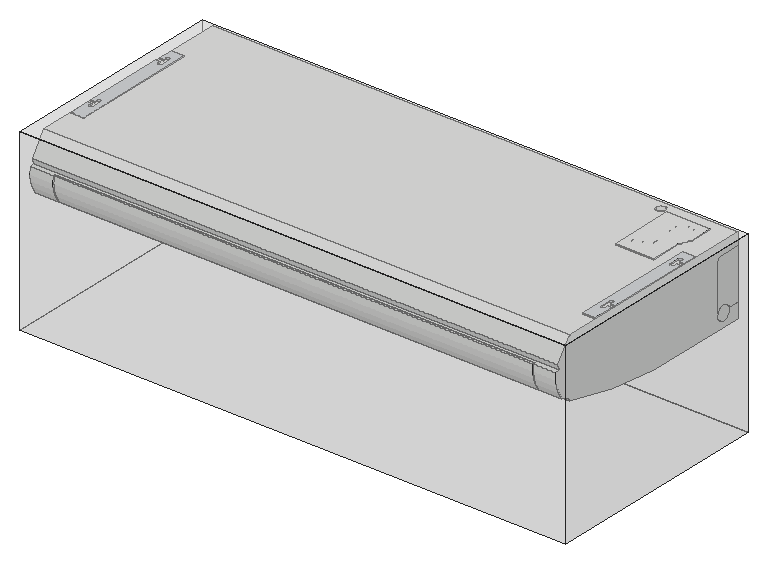
Revit family "outputfile", category 機械設備, Revit 2024
Family settings
  丸型コネクタ寸法 = 半径を使用
  パーツ タイプ = 標準
  OmniClass 番号 = 23.75.10.24.21.27.27
  OmniClass タイトル = Split System Air Conditioning Units
  作業面ベース = いいえ
  常に垂直 = はい
  ロード時にボイドで切り取り = いいえ
  注釈の向きを維持 = いいえ
  共有 = いいえ
  部屋計算ポイント = はい
Parameters (values of type "FHFC100AVM")
  Description = ""
  製造元 = "Daikin"
  書き出し IFC クラス(タイプ) = "IfcUnitaryEquipmentType"
  定義済み IFC タイプ(タイプ) = "AIRCONDITIONINGUNIT"
  Cost = 0
  モデル = "FHFC100AVM"
  Type Comments = ""
  Keynote = ""
  Type Image = (empty or 0)
  Assembly Code = ""
  switch_frequency = yes
  r_Liquid Pipe Size = Liquid Pipe Size / 2  # 4.75 mm
  r_Gas Pipe Size = Gas Pipe Size / 2  # 7.95 mm
  r_Drain Pipe Size = Drain Pipe Size / 2  # 10.0 mm
  l_powersupply [instance] = if(Rear Right Connection_powersupply, 29.0 mm, 175.0 mm)  # 29.0 mm
  h_mountinghole = 2.0 mm  # constant formula
  connector_voltage = Voltage_50Hz  # 230 V
  connector_powerinput = [Power Input (Cooling)]  # 0.000 kW
  connector_phase = Phase_50Hz  # 1
  angle_vertical_powersupply [instance] = if(Rear Right Connection_powersupply, 90.00°, 180.00°)  # 90.00°
  angle_vertical_drainpipe [instance] = if(or(Left Connection_drainpipe, Right Connection_drainpipe), 90.00°, if(Top Connection_drainpipe, 180.00°, -90.00°))  # -90.00°
  angle_horizontal_powersupply [instance] = if(Rear Right Connection_powersupply, 180.00°, 0.00°)  # 180.00°
  angle_horizontal_drainpipe [instance] = if(Right Connection_drainpipe, 90.00°, if(Left Connection_drainpipe, -90.00°, 0.00°))  # 0.00°
  Voltage_comment_50Hz = "220 - 240"
  Voltage_50Hz = 230 V
  URL = ""
  Top Connection_refrigerant [instance] = no
  Top Connection_powersupply [instance] = not(Rear Right Connection_powersupply)  # no
  Right Connection_refrigerant [instance] = no
  Rear Right Connection_refrigerant [instance] = yes
  Phase_50Hz = 1
  Minimum Circuit Amps_50Hz = 0.0 A
  Maximum Fuse Amps_50Hz = 0.0 A
  Material_Casing = DAIKIN_White_Casing_indoorunit
  lw_powersupply [instance] = if(Rear Right Connection_powersupply, 220.0 mm, 210.0 mm)  # 220.0 mm
  lw_mountinghole_pitch = Width - 40.0 mm  # 1550.0 mm
  lw_mountinghole = 20.0 mm  # constant formula
  lw_liquidpipe [instance] = if(Right Connection_refrigerant, 156.0 mm, if(Top Connection_refrigerant, 156.0 mm, 136.0 mm))  # 136.0 mm
  lw_gaspipe = 105.0 mm  # constant formula
  lw_drainpipe [instance] = if(Top Connection_drainpipe, 102.0 mm, if(Width = 960.0 mm, if(or(Left Connection_drainpipe, Rear Left Connection_drainpipe), 884.0 mm, 83.0 mm), if(Width = 1270.0 mm, if(or(Left Connection_drainpipe, Rear Left Connection_drainpipe), 1194.0 mm, 83.0 mm), if(Width = 1590.0 mm, if(or(Left Connection_drainpipe, Rear Left Connection_drainpipe), 1514.0 mm, 83.0 mm), 83.0 mm))))  # 83.0 mm
  lh_powersupply = 175.0 mm  # constant formula
  lh_liquidpipe [instance] = if(Rear Right Connection_refrigerant, 160.0 mm, 131.0 mm)  # 160.0 mm
  lh_gaspipe [instance] = if(Rear Right Connection_refrigerant, 150.0 mm, 91.0 mm)  # 150.0 mm
  lh_drainpipe = 197.0 mm  # constant formula
  l_antena = 1.0 mm  # constant formula
  ld_powersupply = 30.0 mm  # constant formula
  ld_mountinghole_pitch = 260.0 mm  # constant formula
  ld_mountinghole = 210.0 mm  # constant formula
  ld_liquidpipe [instance] = if(Right Connection_refrigerant, 57.0 mm, if(Top Connection_refrigerant, 189.0 mm, 221.0 mm))  # 221.0 mm
  ld_gaspipe [instance] = if(Right Connection_refrigerant, 57.0 mm, if(Top Connection_refrigerant, 163.0 mm, 214.0 mm))  # 214.0 mm
  ld_drainpipe [instance] = if(or(Left Connection_drainpipe, Right Connection_drainpipe), 57.0 mm, if(Top Connection_drainpipe, 87.0 mm, 268.0 mm))  # 268.0 mm
  l_liquidpipe_length [instance] = if(Right Connection_refrigerant, 156.0 mm, if(Top Connection_refrigerant, 131.0 mm, 220.0 mm))  # 220.0 mm
  l_gaspipe_length [instance] = if(Right Connection_refrigerant, 105.0 mm, if(Top Connection_refrigerant, 91.0 mm, 213.0 mm))  # 213.0 mm
  l_drainpipe_length [instance] = if(Right Connection_drainpipe, 83.0 mm, if(Top Connection_drainpipe, 197.0 mm, if(Left Connection_drainpipe, 76.0 mm, 267.0 mm)))  # 267.0 mm
  h*** = 0.0 mm  # constant formula
  angle_vertical [instance] = if(Right Connection_refrigerant, 90.00°, if(Top Connection_refrigerant, 180.00°, -90.00°))  # -90.00°
  angle_horizontal [instance] = if(Right Connection_refrigerant, 90.00°, 0.00°)  # 0.00°
  Width = 1590.0 mm
  Version = "ver.1.0"
  Unit Type = "Ceiling"
  Unit Mass Weight = 40.00 kg
  Unit Designation [instance] = ""
  Uniclass2015Version = "Products v1.30"
  Uniclass2015Title = "Split coil room air conditioning units"
  Uniclass2015Code = "Pr_70_65_03_86"
  Total Cooling Capacity [instance] = 0.000 kW
  Top Connection_drainpipe [instance] = no
  Sound Pressure Level_M speed (dBA) = 39
  Sound Pressure Level_L speed (dBA) = 36
  Sound Pressure Level_H speed (dBA) = 42
  Series = "SkyAir_Fan Coil Unit"
  Sensible Cooling Capacity [instance] = 0.000 kW
  Rear Right Connection_drainpipe [instance] = yes
  Rear Right Connection_powersupply [instance] = yes
  Right Connection_drainpipe [instance] = no
  Refrigerant Type = "R32"
  Power Input (Cooling) = 0.000 kW
  Option Accessory 3 [instance] = ""
  Option Accessory 2 [instance] = ""
  Option Accessory 1 [instance] = ""
  Nominal Cooling Capacity = 10.000 kW
  Minimum Airflow = 1200.00 m³/h
  Median Airflow = 1440.00 m³/h
  Maximum Airflow = 1680.00 m³/h
  Load Classification = HVAC
  Liquid Pipe Size = 9.5 mm
  Link_Nested Family [instance] = ""
  Rear Left Connection_drainpipe [instance] = no
  Left Connection_drainpipe [instance] = no
  IfcVersion = ""
  IfcExportType = "AIRCONDITIONINGUNIT"
  IfcExportAs = "IfcUnitaryEquipmentType"
  Height = 235.0 mm
  Heat Exchanger Type = "Cross Fin Coil"
  Gas Pipe Size = 15.9 mm
  Frequency_50Hz = 50 Hz
  Fan Type = "Sirocco Fan"
  Fan Drive = "Direct Drive"
  FCU Tag No. [instance] = ""
  Drain Pipe Size = 20.0 mm
  Design Supply Airflow [instance] = 0.00 m³/h
  Design Outdoor Airflow [instance] = 0.00 m³/h
  Depth = 690.0 mm
  既定の高さ = 0.0 mm
  Cooling Entering Wet Bulb Temperature [instance] = 0.00 °C
  Cooling Entering Dry Bulb Temperature [instance] = 0.00 °C
  Cooling Ambient Wet Bulb Temperature [instance] = 0.00 °C
  Cooling Ambient Dry Bulb Temperature [instance] = 0.00 °C
  Clearance visibility [instance] = yes
  Clearance Top = 5.0 mm
  Clearance Right = 30.0 mm
  Clearance Rear = 0.0 mm
  Clearance Left = 30.0 mm
  Clearance Front = 0.0 mm
  Clearance Bottom = 300.0 mm
Reference planes
  plane 1 "Back": y = 0
  plane 2: z = 0
  plane 3 "Center (Left/Right)": x = 0
  plane 4 "Center (Front/Back)": y = -1
  plane 5 "Front": y = -690
  plane 6 "Left": x = -795
  plane 7 "Right": x = 795
  plane 8 "Top": z = 0
  plane 9 "Bottom": z = -235
  plane 10: y = -690
  plane 11: x = -825
  plane 12: x = 825
  plane 13: z = 5
  plane 14: z = -535
  plane 15: y = 0
  plane 16 "lw_mountinghole": x = -775
  plane 17 "lw_mountinghole2": x = 775
  plane 18 "ld_mountinghole": y = -210
  plane 19 "ld_mountinghole2": y = -470
  plane 20 "lw_gaspipe": x = 690
  plane 21 "ld_gaspipe": y = -214
  plane 22 "lh_gaspipe": z = -150
  plane 23 "lw_liquidpipe": x = 659
  plane 24 "ld_liquidpipe": y = -221
  plane 25 "lh_liquidpipe": z = -160
  plane 26 "ld_drainpipe": y = -268
  plane 27 "lw_drainpipe": x = 712
  plane 28 "lh_drainpipe": z = -197
  plane 29 "lw_powersupply": x = 575
  plane 30 "lh_powersupply": z = -175
  plane 31 "ld_powersupply": y = -30
  plane 32: x = -725.5
  plane 33: x = 725.5
  plane 34: x = -750
  plane 35: x = 750
  plane 36: x = -2
  plane 37: x = 2
Forms (mm)
  Extrusion 1, solid, material "DAIKIN_White_Casing_indoorunit" <- "Material_Casing"
    sketch origin (0, 0, 0) x (0, 1, 0) y (0, 0, 1)
      loop
        line (-639.277, 0) -> (-680.876, -61.699) -> (-675.026, -77.772)
        arc (-675.026, -77.772) -> (-681.815, -78.743) -> (-688.601, -79.732) r 2634.132
        arc (-688.601, -79.732) -> (-687.018, -121.096) -> (-669.159, -158.439) r 102.2
        line (-669.159, -158.439) -> (-639.858, -169.325) -> (-635.895, -178.261)
        arc (-635.895, -178.261) -> (-479.121, -215.759) -> (-319.077, -235) r 1400.997
        line (-319.077, -235) -> (-1, -235) -> (-1, 0) -> (-639.277, 0)
    from -795 to 795
  Extrusion 2, solid, material "DAIKIN_White_Casing_indoorunit" <- "Material_Casing"
    sketch origin (0, 0, 0) x (0, 1, 0) y (0, 0, 1)
      loop
        arc (-688.601, -79.732) -> (-687.018, -121.096) -> (-669.159, -158.439) r 102.2
        line (-669.159, -158.439) -> (-665.589, -154.869)
        arc (-665.589, -154.869) -> (-682.432, -118.783) -> (-683.39, -78.971) r 97.2
        arc (-683.39, -78.971) -> (-685.996, -79.351) -> (-688.601, -79.732) r 2634.132
    from -725.5 to 725.5
  Extrusion 3, void
    sketch origin (0, 0, 0) x (0, 1, 0) y (0, 0, 1)
      loop
        line (-301.098, -235) -> (-21.098, -235) -> (-21.098, -230) -> (-301.098, -230) -> (-301.098, -235)
    from -750 to 750
  Extrusion 4, solid, material "DAIKIN_White_Grille_indoorunit"
    sketch origin (0, 0, 0) x (0, 1, 0) y (0, 0, 1)
      loop
        line (-20.098, -230) -> (-301.098, -230) -> (-301.098, -235) -> (-20.098, -235) -> (-20.098, -230)
    from -750 to -2
  Extrusion 5, solid, material "DAIKIN_White_Casing_indoorunit" <- "Material_Casing"
    sketch origin (0, 0, 0) x (1, 0, 0) y (0, 0, 1)
      loop
        line (602, -63) -> (602, -178) -> (673, -220) -> (736, -220) -> (736, -63) -> (602, -63)
    from 0 to 1
  Extrusion 6, solid, material "DAIKIN_White_Casing_indoorunit" <- "Material_Casing"
    sketch origin (0, 0, 0) x (-1, 0, 0) y (0, -1, 0)
      loop
        line (-607, 35) -> (-607, 230) -> (-723, 230) -> (-723, 135) -> (-738, 105) -> (-738, 35) -> (-607, 35)
    from 0 to 1.9
  Extrusion 7, void
    sketch origin (795, 0, 0) x (0, 1, 0) y (0, 0, 1)
      loop
        arc (-79.5, -195) -> (-55.446, -217.446) -> (-34.715, -191.9) r 22.5
        line (-34.715, -191.9) -> (-1, -191.9) -> (-1, -190.1) -> (-35.04, -190.1)
        arc (-35.04, -190.1) -> (-54.942, -172.594) -> (-77.7, -186.182) r 22.5
        line (-77.7, -186.182) -> (-77.7, -43)
        arc (-77.7, -43) -> (-76.528, -40.172) -> (-73.7, -39) r 4
        line (-73.7, -39) -> (-1, -39) -> (-1, -37.2) -> (-73.7, -37.2)
        arc (-73.7, -37.2) -> (-77.801, -38.899) -> (-79.5, -43) r 5.8
        line (-79.5, -43) -> (-79.5, -195)
      loop
        circle (-57, -195) r 20.7
    from 0 to -10
  Extrusion 8, void
    sketch origin (-1444.026, -1, 1200) x (1, 0, 0) y (0, 0, 1)
      loop
        arc (715.026, -1375) -> (704.42, -1379.393) -> (700.026, -1390) r 15
        line (700.026, -1390) -> (700.026, -1400)
        arc (700.026, -1400) -> (704.42, -1410.607) -> (715.026, -1415) r 15
        line (715.026, -1415) -> (745.026, -1415)
        arc (745.026, -1415) -> (755.633, -1410.607) -> (760.026, -1400) r 15
        line (760.026, -1400) -> (760.026, -1390)
        arc (760.026, -1390) -> (755.633, -1379.393) -> (745.026, -1375) r 15
        line (745.026, -1375) -> (715.026, -1375)
    from 0 to 10
  Extrusion 9, void
    sketch origin (-795, 0, 0) x (0, 1, 0) y (0, 0, 1)
      loop
        circle (-57, -197) r 22.5
    from 0 to 10
  Extrusion 10, void
    sketch origin (-1444.026, -1, 1200) x (1, 0, 0) y (0, 0, 1)
      loop
        circle (2136.026, -1375) r 44
    from 0 to 10
  Extrusion 11, void
    sketch origin (0, 0, 0) x (-1, 0, 0) y (0, -1, 0)
      loop
        circle (-693, 87) r 30
    from 0 to -10
  Extrusion 12, void
    sketch origin (0, 0, 0) x (-1, 0, 0) y (0, -1, 0)
      loop
        circle (-690, 163) r 18
    from 0 to -10
  Extrusion 13, void
    sketch origin (0, 0, 0) x (-1, 0, 0) y (0, -1, 0)
      loop
        circle (-639, 189) r 13
    from 0 to -10
  Extrusion 14, void
    sketch origin (-1444.026, -1, 1200) x (1, 0, 0) y (0, 0, 1)
      loop
        circle (2019.026, -1375) r 14.5
    from 0 to 10
  Extrusion 15, void
    sketch origin (0, 0, 0) x (-1, 0, 0) y (0, -1, 0)
      loop
        circle (-585, 30) r 14.5
    from 0 to -10
  Extrusion 16, void
    sketch origin (795, 0, 0) x (0, 1, 0) y (0, 0, 1)
      loop
        arc (-665.589, -154.869) -> (-682.432, -118.783) -> (-683.39, -78.971) r 97.2
        arc (-683.39, -78.971) -> (-685.996, -79.351) -> (-688.601, -79.732) r 2634.132
        arc (-688.601, -79.732) -> (-687.018, -121.096) -> (-669.159, -158.439) r 102.2
        line (-669.159, -158.439) -> (-665.589, -154.869)
    from -69.5 to -1520.5
  Extrusion 17, solid, material "DAIKIN_White_Casing_indoorunit" <- "Material_Casing"
    sketch origin (-795, 0, 0) x (0, 1, 0) y (0, 0, 1)
      loop
        circle (-57, -197) r 22.5
    from 0 to 10
  Extrusion 18, solid, material "DAIKIN_White_Grille_indoorunit"
    sketch origin (780, 0, 0) x (0, 1, 0) y (0, 0, 1)
      loop
        line (-20.098, -230) -> (-301.098, -230) -> (-301.098, -235) -> (-20.098, -235) -> (-20.098, -230)
    from -782 to -778
  Extrusion 19, solid, material "DAIKIN_White_Grille_indoorunit"
    sketch origin (0, 0, 0) x (0, 1, 0) y (0, 0, -1)
      loop
        line (-20.098, 230) -> (-20.098, 235) -> (-301.098, 235) -> (-301.098, 230) -> (-20.098, 230)
    from -750 to -2
Cuts and joins
  Extrusion 3, Extrusion 7, Extrusion 8, Extrusion 9, Extrusion 10, Extrusion 11, Extrusion 12, Extrusion 13, Extrusion 14, Extrusion 15, Extrusion 16 cuts Extrusion 1
Lines and regions (mm)
  reference lines
    curve 1: line (795, -580.282, -192.75) -> (795, -551.225, -200.21)
Dimensions and locks
  equal spacing: plane 6 "Left", plane 3 "Center (Left/Right)", plane 7 "Right"
  "Width": plane 6 "Left" to plane 7 "Right"
  "Depth": plane 5 "Front" to plane 1 "Back"
  "Height": plane 8 "Top" to plane 9 "Bottom"
  "Clearance Front": plane 10 to plane 5 "Front"
  "Clearance Left": plane 11 to plane 6 "Left"
  "Clearance Right": plane 7 "Right" to plane 12
  "Clearance Top": plane 13 to plane 8 "Top"
  "Clearance Bottom": plane 9 "Bottom" to plane 14
  "Clearance Rear": plane 1 "Back" to plane 15
  locked: plane 4 "Center (Front/Back)" to plane 1 "Back" at 1
  locked: Extrusion 1 sketch curve to Extrusion 1 sketch curve at 235
  locked: Extrusion 1 sketch curve to Extrusion 1 sketch curve at 318.077
  locked: Extrusion 1 sketch curve to Extrusion 1 sketch curve at 1163.297
  locked: Extrusion 1 sketch curve to Extrusion 1 sketch curve at 231.144
  Extrusion 3 sketch curve to Extrusion 3 sketch curve to plane 1 "Back" = 280.0 mm locked, 21.098 mm locked
  "ld_mountinghole": plane 18 "ld_mountinghole" to plane 1 "Back"
  "ld_mountinghole_pitch": plane 18 "ld_mountinghole" to plane 19 "ld_mountinghole2"
  "lw_mountinghole_pitch": plane 16 "lw_mountinghole" to plane 17 "lw_mountinghole2"
  "lw_mountinghole": plane 6 "Left" to plane 16 "lw_mountinghole"
  "lw_gaspipe": plane 20 "lw_gaspipe" to plane 7 "Right"
  "ld_gaspipe": plane 1 "Back" to plane 21 "ld_gaspipe"
  "lw_liquidpipe": plane 23 "lw_liquidpipe" to plane 7 "Right"
  "ld_liquidpipe": plane 1 "Back" to plane 24 "ld_liquidpipe"
  "lw_drainpipe": plane 27 "lw_drainpipe" to plane 7 "Right"
  "ld_drainpipe": plane 26 "ld_drainpipe" to plane 1 "Back"
  plane 8 "Top" to Extrusion 5 sketch curve to Extrusion 5 sketch curve = 63.0 mm locked, 157.0 mm locked
  plane 7 "Right" to Extrusion 5 sketch curve to Extrusion 5 sketch curve = 59.0 mm locked, 134.0 mm locked
  locked: Extrusion 5 sketch curve to Extrusion 5 sketch curve at 115
  locked: Extrusion 5 sketch curve to Extrusion 5 sketch curve at 63
  locked: Extrusion 6 sketch curve to Extrusion 6 sketch curve at 195
  locked: Extrusion 6 sketch curve to Extrusion 6 sketch curve at 116
  locked: Extrusion 6 sketch curve to Extrusion 6 sketch curve at 131
  locked: Extrusion 6 sketch curve to Extrusion 6 sketch curve at 100
  locked: Extrusion 6 sketch curve to plane 1 "Back" at 35
  locked: Extrusion 6 sketch curve to plane 7 "Right" at 57
  locked: Extrusion 8 sketch curve to Extrusion 8 sketch curve at 40
  locked: Extrusion 8 sketch curve to Extrusion 8 sketch curve at 60
  locked: plane 8 "Top" to Extrusion 8 sketch curve at 175
  locked: Extrusion 8 sketch curve to plane 6 "Left" at 51
  locked: plane 7 "Right" to Extrusion 10 sketch curve at 103
  locked: plane 8 "Top" to Extrusion 10 sketch curve at 175
  locked: Extrusion 11 sketch curve to plane 1 "Back" at 87
  locked: Extrusion 11 sketch curve to plane 7 "Right" at 102
  locked: Extrusion 12 sketch curve to plane 1 "Back" at 163
  locked: Extrusion 12 sketch curve to plane 7 "Right" at 105
  locked: Extrusion 13 sketch curve to plane 1 "Back" at 189
  locked: Extrusion 13 sketch curve to plane 7 "Right" at 156
  "lw_powersupply": plane 29 "lw_powersupply" to plane 7 "Right"
  "lh_gaspipe": plane 8 "Top" to plane 22 "lh_gaspipe"
  "lh_liquidpipe": plane 8 "Top" to plane 25 "lh_liquidpipe"
  "lh_powersupply": plane 8 "Top" to plane 30 "lh_powersupply"
  "lh_drainpipe": plane 8 "Top" to plane 28 "lh_drainpipe"
  "ld_powersupply": plane 1 "Back" to plane 31 "ld_powersupply"
  locked: plane 8 "Top" to Extrusion 7 sketch curve at 195
  locked: Extrusion 7 sketch curve to plane 1 "Back" at 57
  locked: plane 9 "Bottom" to Extrusion 7 sketch curve at 43.1
  locked: Extrusion 7 sketch curve to plane 8 "Top" at 39
  locked: Extrusion 7 sketch curve to plane 1 "Back" at 79.5
  locked: Extrusion 9 sketch curve to plane 1 "Back" at 57
  locked: plane 8 "Top" to Extrusion 9 sketch curve at 197
  locked: Extrusion 17 sketch curve to plane 1 "Back" at 57
  locked: plane 8 "Top" to Extrusion 17 sketch curve at 197
  locked: plane 7 "Right" to Extrusion 14 sketch curve at 220
  locked: plane 8 "Top" to Extrusion 14 sketch curve at 175
  locked: Extrusion 15 sketch curve to plane 7 "Right" at 210
  locked: Extrusion 15 sketch curve to plane 1 "Back" at 30
  locked: curve 1 to plane 9 "Bottom" at 34.79
  locked: curve 1 to plane 9 "Bottom" at 42.25
  locked: plane 6 "Left" to plane 32 at 69.5
  locked: plane 33 to plane 7 "Right" at 69.5
  locked: plane 35 to plane 7 "Right" at 45
  locked: plane 6 "Left" to plane 34 at 45
  plane 36 to plane 3 "Center (Left/Right)" to plane 37 = 2.0 mm locked, 2.0 mm locked
  locked: curve 1 to plane 9 "Bottom" (angle 14.40°)
  aligned and locked: level to plane 2
  aligned and locked: nested 1 to plane 11
  aligned and locked: nested 1 to plane 12
  aligned and locked: nested 1 to plane 10
  aligned and locked: plane 13 to nested 1
  aligned and locked: plane 14 to nested 1
  aligned and locked: plane 15 to nested 1
  aligned and locked: Extrusion 1 sketch curve to plane 8 "Top"
  aligned and locked: Extrusion 2 sketch curve to Extrusion 1  (x2)
  aligned and locked: plane 7 "Right" to Extrusion 1
  aligned and locked: Extrusion 1 to plane 6 "Left"
  aligned and locked: cut or joined group 1 (Extrusion 1, Extrusion 3, Extrusion 7, Extrusion 8, Extrusion 9, Extrusion 10, Extrusion 11, Extrusion 12, Extrusion 13, Extrusion 14, Extrusion 15, Extrusion 16) to Extrusion 3 sketch curve
  aligned and locked: cut or joined group 1 to Extrusion 4 sketch curve
  aligned and locked: Extrusion 5 to plane 4 "Center (Front/Back)"
  aligned and locked: Extrusion 7 sketch curve to plane 4 "Center (Front/Back)"
  aligned and locked: Extrusion 16 sketch curve to Extrusion 2  (x4)
  aligned and locked: Extrusion 16 to Extrusion 2  (x2)
  aligned and locked: nested 2 to plane 26 "ld_drainpipe"
  aligned and locked: plane 27 "lw_drainpipe" to nested 2
  aligned and locked: plane 20 "lw_gaspipe" to nested 3
  aligned and locked: nested 3 to plane 21 "ld_gaspipe"
  aligned and locked: plane 23 "lw_liquidpipe" to nested 4
  aligned and locked: nested 4 to plane 24 "ld_liquidpipe"
  aligned and locked: plane 25 "lh_liquidpipe" to nested 4
  aligned and locked: Extrusion 4 sketch curve to cut or joined group 1
  aligned and locked: nested 5 to plane 31 "ld_powersupply"
  aligned and locked: plane 29 "lw_powersupply" to nested 5
  aligned and locked: nested 7 to plane 18 "ld_mountinghole"
  aligned and locked: plane 16 "lw_mountinghole" to nested 7
  aligned and locked: nested 6 to plane 19 "ld_mountinghole2"
  aligned and locked: plane 16 "lw_mountinghole" to nested 6
  aligned and locked: nested 9 to plane 18 "ld_mountinghole"
  aligned and locked: plane 17 "lw_mountinghole2" to nested 9
  aligned and locked: plane 17 "lw_mountinghole2" to nested 8
  aligned and locked: nested 8 to plane 19 "ld_mountinghole2"
  aligned and locked: nested 10 to curve 1
  aligned and locked: level to plane 8 "Top"
  aligned and locked: cut or joined group 1 to plane 32
  aligned and locked: plane 33 to cut or joined group 1
  aligned and locked: Extrusion 16 to plane 32
  aligned and locked: plane 33 to Extrusion 16
  aligned and locked: Extrusion 4 to plane 34
  aligned and locked: cut or joined group 1 to plane 34
  aligned and locked: plane 34 to Extrusion 4  (x3)
  aligned and locked: plane 16 "lw_mountinghole" to nested 11
  aligned and locked: plane 17 "lw_mountinghole2" to nested 12
  aligned and locked: plane 36 to Extrusion 4
  aligned and locked: Extrusion 18 to plane 36
  aligned and locked: plane 37 to Extrusion 18
  aligned and locked: Extrusion 19 to plane 37
  aligned and locked: plane 37 to Extrusion 19
  aligned and locked: plane 35 to Extrusion 19
  aligned and locked: plane 35 to cut or joined group 1
  aligned and locked: Extrusion 4 to cut or joined group 1
  aligned and locked: cut or joined group 1 to Extrusion 18
  aligned and locked: cut or joined group 1 to Extrusion 19
Automatic sketch dimensions
  Extrusion 1 sketch curve to plane 4 "Center (Front/Back)" = 0.0 mm
  Extrusion 1 sketch curve to plane 5 "Front" = 102.2 mm
  Extrusion 1 sketch curve to plane 30 "lh_powersupply" = 3.261 mm
  Extrusion 1 sketch curve to plane 5 "Front" = 50.723 mm
  plane 30 "lh_powersupply" to Extrusion 1 sketch curve = 5.675 mm
  Extrusion 1 sketch curve to Extrusion 1 sketch curve = 3.963 mm
  plane 25 "lh_liquidpipe" to Extrusion 1 sketch curve = 1.561 mm
  Extrusion 1 sketch curve to plane 5 "Front" = 20.841 mm
  Extrusion 1 sketch curve to plane 5 "Front" = 14.974 mm
  Extrusion 1 sketch curve to plane 5 "Front" = 9.124 mm
  Extrusion 1 sketch curve to plane 26 "ld_drainpipe" = 37.278 mm
  Extrusion 1 sketch curve to plane 14 = 2150.825 mm
  plane 22 "lh_gaspipe" to Extrusion 1 sketch curve = 53.413 mm
  Extrusion 1 sketch curve to level = 77.772 mm
  Extrusion 1 sketch curve to Extrusion 1 sketch curve = 16.072 mm
  Extrusion 2 sketch curve to Extrusion 2 sketch curve = 0.0 mm  (x2)
  plane 25 "lh_liquidpipe" to Extrusion 2 sketch curve = 1.561 mm
  Extrusion 2 sketch curve to plane 22 "lh_gaspipe" = 4.869 mm
  Extrusion 2 sketch curve to Extrusion 2 sketch curve = 3.57 mm
  Extrusion 3 sketch curve to Extrusion 3 sketch curve = 5.0 mm
  plane 31 "ld_powersupply" to Extrusion 4 sketch curve = 9.902 mm
  Extrusion 4 sketch curve to Extrusion 4 sketch curve = 5.0 mm
  Extrusion 6 sketch curve to Extrusion 6 sketch curve = 30.0 mm
  Extrusion 7 sketch curve to Extrusion 7 sketch curve = 0.0 mm  (x6)
  Extrusion 7 sketch curve to plane 4 "Center (Front/Back)" = 0.0 mm  (x2)
  Extrusion 7 sketch curve to Extrusion 7 sketch curve = 1.8 mm  (x2)
  Extrusion 7 sketch curve to Extrusion 7 sketch curve = 4.0 mm
  Extrusion 7 sketch curve to Extrusion 7 sketch curve = 0.325 mm
  Extrusion 8 sketch curve to plane 32 = 3.5 mm  (x2)
  Extrusion 8 sketch curve to plane 28 "lh_drainpipe" = 3.0 mm
  Extrusion 8 sketch curve to Extrusion 8 sketch curve = 15.0 mm
  curve 1 to plane 5 "Front" = 109.718 mm
  Extrusion 18 sketch curve to plane 9 "Bottom" = 0.0 mm
  plane 9 "Bottom" to Extrusion 18 sketch curve = 5.0 mm
  Extrusion 18 sketch curve to plane 26 "ld_drainpipe" = 33.098 mm
  plane 31 "ld_powersupply" to Extrusion 18 sketch curve = 9.902 mm
  Extrusion 19 sketch curve to plane 9 "Bottom" = 0.0 mm
  plane 9 "Bottom" to Extrusion 19 sketch curve = 5.0 mm
  Extrusion 19 sketch curve to plane 26 "ld_drainpipe" = 33.098 mm
  plane 31 "ld_powersupply" to Extrusion 19 sketch curve = 9.902 mm
  radius of Extrusion 7 sketch curve = 20.7 mm
  radius of Extrusion 9 sketch curve = 22.5 mm
  radius of Extrusion 10 sketch curve = 44.0 mm
  radius of Extrusion 11 sketch curve = 30.0 mm
  radius of Extrusion 12 sketch curve = 18.0 mm
  radius of Extrusion 13 sketch curve = 13.0 mm
  radius of Extrusion 14 sketch curve = 14.5 mm
  radius of Extrusion 15 sketch curve = 14.5 mm
  radius of Extrusion 17 sketch curve = 22.5 mm
Nested families
  nested 1: "daikin_clearancespace" at (0, -345, -264.881), visible <- "Clearance visibility", show <- "Clearance visibility", Link_Nested Family <- "Link_Nested Family", type "daikin_clearancespace"
    with width 1650.0 mm, show yes, height 540.0 mm, depth 690.0 mm, Link_Nested Family ""
  nested 2: "daikin_connector_rotate3" at (712, -268, -197), radius <- "r_Drain Pipe Size", angle_vertical <- "angle_vertical_drainpipe", angle_horizontal <- "angle_horizontal_drainpipe", length <- "l_drainpipe_length", type "daikin_connector_rotate3"
    with show no, radius 10.0 mm, length 267.0 mm, angle_vertical -90.00°, angle_horizontal 0.00°
  nested 3: "daikin_connector_rotate3" at (690, -214, -150), radius <- "r_Gas Pipe Size", angle_vertical <- "angle_vertical", angle_horizontal <- "angle_horizontal", length <- "l_gaspipe_length", type "daikin_connector_rotate3"
    with show no, radius 7.95 mm, length 213.0 mm, angle_vertical -90.00°, angle_horizontal 0.00°
  nested 4: "daikin_connector_rotate3" at (659, -221, -160), radius <- "r_Liquid Pipe Size", angle_vertical <- "angle_vertical", angle_horizontal <- "angle_horizontal", length <- "l_liquidpipe_length", type "daikin_connector_rotate3"
    with show no, radius 4.75 mm, length 220.0 mm, angle_vertical -90.00°, angle_horizontal 0.00°
  nested 5: "daikin_connector_rotate3" at (575, -30, -175), length <- "l_powersupply", angle_vertical <- "angle_vertical_powersupply", angle_horizontal <- "angle_horizontal_powersupply", type "daikin_connector_rotate3"
    with show no, radius 10.0 mm, length 29.0 mm, angle_vertical 90.00°, angle_horizontal 180.00°
  nested 6: "daikin_mountinghole" at (-775, -470, 0), l_antenna <- "l_antena", Link_Nested Family <- "Link_Nested Family", h_mountinghole <- "h_mountinghole", type "daikin_mountinghole"
    with show yes, l_antenna 1.0 mm, h_mountinghole 2.0 mm, Link_Nested Family ""
  nested 7: "daikin_mountinghole" at (-775, -210, 0), l_antenna <- "l_antena", Link_Nested Family <- "Link_Nested Family", h_mountinghole <- "h_mountinghole", type "daikin_mountinghole"
    with show yes, l_antenna 1.0 mm, h_mountinghole 2.0 mm, Link_Nested Family ""
  nested 8: "daikin_mountinghole" at (775, -470, 0), l_antenna <- "l_antena", Link_Nested Family <- "Link_Nested Family", h_mountinghole <- "h_mountinghole", type "daikin_mountinghole"
    with show yes, l_antenna 1.0 mm, h_mountinghole 2.0 mm, Link_Nested Family ""
  nested 9: "daikin_mountinghole" at (775, -210, 0), Link_Nested Family <- "Link_Nested Family", l_antenna <- "l_antena", h_mountinghole <- "h_mountinghole", type "daikin_mountinghole"
    with show yes, l_antenna 1.0 mm, h_mountinghole 2.0 mm, Link_Nested Family ""
  nested 10: "daikin_logo_plane_w40" at (647.963, -559.801, -198.008) x (1, 0, 0) z (0, -0.2487, -0.9686), type "daikin_logo_plane_w40"
    with show_logo yes
  nested 11: "daikin_hangerfixture_FHFC-AVM" at (-775, 0, 0), type "daikin_hangerfixture_FHFC-AVM"
    with width 38.0 mm, height 2.0 mm, depth 380.0 mm
  nested 12: "daikin_hangerfixture_FHFC-AVM" at (775, 0, 0) x (-1, 0, 0) z (0, 0, 1), type "daikin_hangerfixture_FHFC-AVM"
    with width 38.0 mm, height 2.0 mm, depth 380.0 mm
Connectors
  piping at (712, -1, -197), diameter 20, driven by "r_Drain Pipe Size"
    settings: on nested 2, index 1, connector inside diameter 609.6 mm, connector length 0.0 mm, flow factor 0, pipe flow 0.00 m³/h, pressure drop 0.0 Pa, fitting loss kfactor 0, connector angle 0.00°, fixture units 0, engagement length 0.0 mm, angle of deflection 0.00°, flow configuration 1, flow direction 2, fitting loss method 4, system type 16, joint type 0, gender type 0, connector reference index -1, connector utility 0, adjustable connector no, is connector primary yes, connector description "Condensate Drain Piping"
  piping at (690, -1, -150), diameter 15.9, driven by "r_Gas Pipe Size"
    settings: on nested 3, index 3, connector inside diameter 609.6 mm, connector length 0.0 mm, flow factor 0, pipe flow 0.00 m³/h, pressure drop 0.0 Pa, fitting loss kfactor 0, connector angle 0.00°, fixture units 0, engagement length 0.0 mm, angle of deflection 0.00°, flow configuration 1, flow direction 2, fitting loss method 0, system type 29, joint type 0, gender type 0, connector reference index -1, connector utility 0, adjustable connector no, is connector primary no, connector description "Refrigerant Gas Piping"
  piping at (659, -1, -160), diameter 9.5, driven by "r_Liquid Pipe Size"
    settings: on nested 4, index 4, connector inside diameter 609.6 mm, connector length 0.0 mm, flow factor 0, pipe flow 0.00 m³/h, pressure drop 0.0 Pa, fitting loss kfactor 0, connector angle 0.00°, fixture units 0, engagement length 0.0 mm, angle of deflection 0.00°, flow configuration 1, flow direction 1, fitting loss method 0, system type 29, joint type 0, gender type 0, connector reference index -1, connector utility 0, adjustable connector no, is connector primary no, connector description "Refrigerant Liquid Piping"
  electrical at (575, -1, -175), driven by "Load Classification", driven by "connector_phase", driven by "connector_voltage", driven by "connector_powerinput"
    settings: on nested 5, index 6, voltage 230 V, apparent load 0 VA, apparent load phase1 0 VA, apparent load phase2 0 VA, apparent load phase3 0 VA, power factor 1, load classification "HVAC", number of poles 1, system type 30, power factor state 1, is connector primary yes, connector utility no, sub classification motor no, connector description "Power Supply"
Definition of nested family "daikin_clearancespace"
  Parameters (values of type "daikin_clearancespace")
    Description = "daikin_clearancespace"
    width [instance] = 1823.963 mm
    show [instance] = yes
    material = none
    height [instance] = 1359.762 mm
    depth [instance] = 880.0 mm
    Default Elevation = 0.0 mm
    Link_Nested Family [instance] = ""
  Reference planes
    plane 1 "Center (Front/Back)": y = 0
    plane 2 "Center (Elevation)": z = -0.119
    plane 3 "Center (Left/Right)": x = 0
    plane 4: y = 440
    plane 5: y = -440
    plane 6 "Right": x = 911.982
    plane 7 "Left": x = -911.982
    plane 8 "Top": z = 679.762
    plane 9 "Bottom": z = -680
  Forms (mm)
    Extrusion 1, solid, material <- "material", visible <- "show"
      sketch origin (0, 0, 0) x (1, 0, 0) y (0, 1, 0)
        loop
          line (-911.982, 440) -> (-911.982, -440) -> (911.982, -440) -> (911.982, 440) -> (-911.982, 440)
      from -680 to 679.762
  Lines and regions (mm)
    symbolic lines, visible <- "show"
      curve 1: line (911.982, 440, 0) -> (-911.982, 440, 0)
      curve 2: line (-911.982, 440, 0) -> (-911.982, -440, 0)
      curve 3: line (-911.982, -440, 0) -> (911.982, -440, 0)
      curve 4: line (911.982, -440, 0) -> (911.982, 440, 0)
      curve 5: line (911.982, 0, 679.762) -> (-911.982, 0, 679.762)
      curve 6: line (911.982, 0, -680) -> (911.982, 0, 679.762)
      curve 7: line (-911.982, 0, -680) -> (911.982, 0, -680)
      curve 8: line (-911.982, 0, 679.762) -> (-911.982, 0, -680)
      curve 9: line (0, 440, 679.762) -> (0, -440, 679.762)
      curve 10: line (0, -440, 679.762) -> (0, -440, -680)
      curve 11: line (0, 440, -680) -> (0, 440, 679.762)
      curve 12: line (0, -440, -680) -> (0, 440, -680)
  Dimensions and locks
    "width": plane 7 "Left" to plane 6 "Right"
    "depth": plane 4 to plane 5
    "height": plane 8 "Top" to plane 9 "Bottom"
    equal spacing: plane 7 "Left", plane 3 "Center (Left/Right)", plane 6 "Right"
    equal spacing: plane 4, plane 1 "Center (Front/Back)", plane 5
    equal spacing: plane 8 "Top", plane 2 "Center (Elevation)", plane 9 "Bottom"
    aligned and locked: level to plane 2 "Center (Elevation)"
    aligned and locked: Extrusion 1 sketch curve to plane 4
    aligned and locked: plane 7 "Left" to Extrusion 1 sketch curve
    aligned and locked: Extrusion 1 sketch curve to plane 5
    aligned and locked: Extrusion 1 sketch curve to plane 6 "Right"
    aligned and locked: plane 8 "Top" to Extrusion 1
    aligned and locked: curve 1 to Extrusion 1
    aligned and locked: curve 2 to Extrusion 1
    aligned and locked: curve 3 to Extrusion 1
    aligned and locked: curve 4 to Extrusion 1
    aligned and locked: curve 5 to Extrusion 1
    aligned and locked: curve 6 to Extrusion 1
    aligned and locked: curve 7 to Extrusion 1
    aligned and locked: curve 8 to Extrusion 1
    aligned and locked: curve 9 to Extrusion 1
    aligned and locked: curve 10 to Extrusion 1
    aligned and locked: curve 11 to Extrusion 1
    aligned and locked: curve 12 to Extrusion 1
    aligned and locked: Extrusion 1 to plane 9 "Bottom"
Definition of nested family "daikin_logo_plane_w40"
  Parameters (values of type "daikin_logo_plane_w40")
    width = 40.0 mm
    show_logo [instance] = yes
    material = none
    height = 0.0 mm
    depth = 0.0 mm
    Default Elevation = 1219.2 mm
  Reference planes
    plane 1 "Center (Front/Back)": y = 0
    plane 2: z = 0
    plane 3 "Center (Left/Right)": x = 0
    plane 4: z = 2
    plane 5 "left": x = -19
    plane 6: x = 19
  Forms (mm)
    Extrusion 1, solid, visible <- "show_logo"
      sketch origin (-19, 0, 0) x (1, 0, 0) y (0, 1, 0)
        loop
          line (8.902, -1.878) -> (7.789, -6.332) -> (11.13, -6.332)
          arc (11.13, -6.332) -> (12.454, -6.064) -> (13.472, -5.176) r 2.642
          arc (13.472, -5.176) -> (13.92, -4.02) -> (13.767, -2.79) r 2.537
          arc (13.767, -2.79) -> (13.452, -2.342) -> (12.982, -2.06) r 1.321
          arc (12.982, -2.06) -> (12.063, -1.902) -> (11.13, -1.878) r 6.479
          line (11.13, -1.878) -> (8.902, -1.878)
        loop
          line (10.016, -5.441) -> (10.907, -5.441)
          arc (10.907, -5.441) -> (11.591, -4.983) -> (11.988, -4.261) r 1.742
          spline (11.988, -4.261) -> (12.01, -4.155) -> (12.027, -4.03) -> (12.037, -3.893) -> (12.037, -3.747) -> (12.026, -3.598) -> (12.002, -3.451) -> (11.962, -3.31) -> (11.905, -3.181) -> (11.829, -3.069) -> (11.731, -2.978) -> (11.61, -2.913) -> (11.464, -2.88)
          line (11.464, -2.88) -> (10.573, -2.88) -> (10.016, -5.441)
        loop
          line (13.58, -6.332) -> (14.805, -6.332) -> (15.223, -5.553) -> (16.977, -5.553) -> (17.144, -6.332) -> (19.149, -6.332) -> (18.258, -1.878) -> (16.03, -1.878) -> (13.58, -6.332)
        loop
          line (16.476, -3.214) -> (15.76, -4.551) -> (16.762, -4.551) -> (16.476, -3.214)
        loop
          line (19.705, -6.332) -> (21.599, -6.332) -> (22.712, -1.878) -> (20.819, -1.878) -> (19.705, -6.332)
        loop
          line (22.712, -6.332) -> (24.606, -6.332) -> (24.908, -5.122) -> (25.831, -6.332) -> (28.17, -6.332) -> (26.388, -3.994) -> (28.949, -1.878) -> (26.945, -1.878) -> (25.401, -3.153) -> (25.719, -1.878) -> (23.826, -1.878) -> (22.712, -6.332)
        loop
          line (29.84, -1.878) -> (28.615, -6.332) -> (30.62, -6.332) -> (31.734, -1.878) -> (29.84, -1.878)
        loop
          line (31.734, -6.332) -> (33.07, -6.332) -> (33.7, -3.814) -> (34.518, -6.332) -> (36.745, -6.332) -> (37.859, -1.878) -> (36.523, -1.878) -> (35.845, -4.589) -> (34.963, -1.878) -> (32.847, -1.878) -> (31.734, -6.332)
      from 0 to 2
    Extrusion 2, solid, visible <- "show_logo"
      sketch origin (-19, 0, 0) x (1, 0, 0) y (0, 1, 0)
        loop
          line (8.7, 0) -> (4.235, 0) -> (0, -3.879) -> (0, -8) -> (8.7, 0)
      from 0 to 2
    Extrusion 3, solid, visible <- "show_logo"
      sketch origin (-19, 0, 0) x (1, 0, 0) y (0, 1, 0)
        loop
          line (0, 0) -> (0, -3.879) -> (4.235, 0) -> (0, 0)
      from 0 to 2
  Dimensions and locks
    plane 4 to plane 2 = 2.0 mm
    equal spacing: plane 5 "left", plane 3 "Center (Left/Right)", plane 6
    locked: plane 5 "left" to plane 6 at 38
    aligned and locked: level to plane 2
    aligned and locked: Extrusion 3 to plane 1 "Center (Front/Back)"  (x2)
    aligned and locked: Extrusion 2 to plane 1 "Center (Front/Back)"  (x2)
    aligned and locked: plane 4 to Extrusion 1
    aligned and locked: plane 4 to Extrusion 3
    aligned and locked: plane 4 to Extrusion 2
    aligned and locked: Extrusion 3 to plane 5 "left"
    aligned and locked: Extrusion 2 to plane 5 "left"
  Automatic sketch dimensions
    Extrusion 1 sketch curve to Extrusion 1 sketch curve = 0.901 mm
    Extrusion 1 sketch curve to Extrusion 1 sketch curve = 1.559 mm
    Extrusion 1 sketch curve to Extrusion 1 sketch curve = 1.327 mm
    Extrusion 1 sketch curve to Extrusion 1 sketch curve = 2.145 mm
    Extrusion 1 sketch curve to Extrusion 1 sketch curve = 1.448 mm
    Extrusion 1 sketch curve to Extrusion 1 sketch curve = 2.116 mm
    Extrusion 1 sketch curve to Extrusion 1 sketch curve = 1.114 mm  (x4)
    Extrusion 1 sketch curve to Extrusion 1 sketch curve = 1.336 mm  (x2)
    plane 1 "Center (Front/Back)" to Extrusion 1 sketch curve = 1.878 mm  (x5)
    Extrusion 1 sketch curve to Extrusion 1 sketch curve = 1.893 mm  (x5)
    Extrusion 1 sketch curve to Extrusion 1 sketch curve = 0.891 mm  (x4)
    Extrusion 1 sketch curve to Extrusion 1 sketch curve = 2.005 mm  (x3)
    Extrusion 1 sketch curve to Extrusion 1 sketch curve = 0.445 mm  (x2)
    plane 1 "Center (Front/Back)" to Extrusion 1 sketch curve = 3.994 mm
    Extrusion 1 sketch curve to Extrusion 1 sketch curve = 0.557 mm  (x2)
    Extrusion 1 sketch curve to Extrusion 1 sketch curve = 2.339 mm  (x2)
    Extrusion 1 sketch curve to Extrusion 1 sketch curve = 1.225 mm  (x3)
    plane 1 "Center (Front/Back)" to Extrusion 1 sketch curve = 3.153 mm
    Extrusion 1 sketch curve to Extrusion 1 sketch curve = 0.987 mm
    plane 1 "Center (Front/Back)" to Extrusion 1 sketch curve = 5.122 mm
    Extrusion 1 sketch curve to Extrusion 1 sketch curve = 0.922 mm
    plane 1 "Center (Front/Back)" to Extrusion 1 sketch curve = 6.332 mm
    Extrusion 1 sketch curve to Extrusion 1 sketch curve = 2.562 mm
    plane 1 "Center (Front/Back)" to Extrusion 1 sketch curve = 5.553 mm
    Extrusion 1 sketch curve to Extrusion 1 sketch curve = 0.167 mm
    Extrusion 1 sketch curve to Extrusion 1 sketch curve = 0.215 mm
    plane 1 "Center (Front/Back)" to Extrusion 1 sketch curve = 3.214 mm
    Extrusion 1 sketch curve to Extrusion 1 sketch curve = 0.286 mm
    plane 1 "Center (Front/Back)" to Extrusion 1 sketch curve = 4.551 mm
    Extrusion 1 sketch curve to Extrusion 1 sketch curve = 1.002 mm
    Extrusion 1 sketch curve to Extrusion 1 sketch curve = 0.537 mm
    Extrusion 1 sketch curve to Extrusion 1 sketch curve = 0.418 mm
    Extrusion 1 sketch curve to Extrusion 1 sketch curve = 1.028 mm
    plane 1 "Center (Front/Back)" to Extrusion 1 sketch curve = 4.261 mm
    Extrusion 1 sketch curve to Extrusion 1 sketch curve = 0.563 mm
    plane 1 "Center (Front/Back)" to Extrusion 1 sketch curve = 2.88 mm
    Extrusion 1 sketch curve to Extrusion 1 sketch curve = 1.088 mm
    Extrusion 1 sketch curve to Extrusion 1 sketch curve = 2.152 mm
    Extrusion 1 sketch curve to Extrusion 1 sketch curve = 0.586 mm
    Extrusion 1 sketch curve to Extrusion 1 sketch curve = 0.118 mm
    Extrusion 1 sketch curve to Extrusion 1 sketch curve = 0.298 mm
    Extrusion 1 sketch curve to Extrusion 1 sketch curve = 0.334 mm
    Extrusion 1 sketch curve to Extrusion 1 sketch curve = 0.223 mm
    Extrusion 1 sketch curve to Extrusion 1 sketch curve = 0.266 mm
    Extrusion 1 sketch curve to Extrusion 1 sketch curve = 1.671 mm
    Extrusion 1 sketch curve to Extrusion 1 sketch curve = 2.227 mm
    Extrusion 1 sketch curve to Extrusion 1 sketch curve = 0.0 mm  (x7)
    Extrusion 1 sketch curve to Extrusion 1 sketch curve = 3.453 mm
    Extrusion 1 sketch curve to Extrusion 1 sketch curve = 2.017 mm
    Extrusion 1 sketch curve to Extrusion 1 sketch curve = 0.78 mm  (x2)
    Extrusion 1 sketch curve to Extrusion 1 sketch curve = 1.743 mm
    Extrusion 1 sketch curve to Extrusion 1 sketch curve = 0.775 mm
    Extrusion 1 sketch curve to Extrusion 1 sketch curve = 0.552 mm
    Extrusion 1 sketch curve to Extrusion 1 sketch curve = 0.014 mm
    Extrusion 1 sketch curve to Extrusion 1 sketch curve = 0.952 mm
    Extrusion 1 sketch curve to Extrusion 1 sketch curve = 1.215 mm
    Extrusion 1 sketch curve to Extrusion 1 sketch curve = 0.108 mm
    plane 1 "Center (Front/Back)" to Extrusion 2 sketch curve = 0.0 mm
    Extrusion 2 sketch curve to plane 3 "Center (Left/Right)" = 19.0 mm
    Extrusion 2 sketch curve to plane 3 "Center (Left/Right)" = 14.765 mm
    Extrusion 2 sketch curve to Extrusion 2 sketch curve = 4.465 mm
    plane 1 "Center (Front/Back)" to Extrusion 2 sketch curve = 3.879 mm
    Extrusion 2 sketch curve to Extrusion 2 sketch curve = 4.12 mm
    plane 1 "Center (Front/Back)" to Extrusion 3 sketch curve = 0.0 mm
    Extrusion 3 sketch curve to plane 3 "Center (Left/Right)" = 19.0 mm
    Extrusion 3 sketch curve to plane 3 "Center (Left/Right)" = 14.765 mm
    plane 1 "Center (Front/Back)" to Extrusion 3 sketch curve = 3.879 mm
    Extrusion 1 sketch curve to plane 3 "Center (Left/Right)" = 11.211 mm
    Extrusion 1 sketch curve to Extrusion 1 sketch curve = 1.782 mm
Definition of nested family "daikin_hangerfixture_FHFC-AVM"
  Parameters (values of type "daikin_hangerfixture_FHA-CV2S")
    width = 44.0 mm
    material = none
    height = 155.0 mm
    depth = 33.0 mm
    Default Elevation = 0.0 mm
  Reference planes
    plane 1 "Center (Front/Back)": y = 0
    plane 2: z = 0
    plane 3 "Center (Left/Right)": x = 0
    plane 4: z = -2.3
    plane 5: z = -155
    plane 6: z = -12
  Forms (mm)
    Extrusion 1, solid
      sketch origin (0, 0, 0) x (1, 0, 0) y (0, 1, 0)
        loop
          line (20, -159) -> (-18, -159) -> (-18, -204) -> (-6, -204) -> (-6, -196)
          arc (-6, -196) -> (0, -190) -> (6, -196) r 6
          line (6, -196) -> (6, -224)
          arc (6, -224) -> (0, -230) -> (-6, -224) r 6
          line (-6, -224) -> (-6, -216) -> (-18, -216) -> (-18, -464) -> (-6, -464) -> (-6, -456)
          arc (-6, -456) -> (0, -450) -> (6, -456) r 6
          line (6, -456) -> (6, -484)
          arc (6, -484) -> (0, -490) -> (-6, -484) r 6
          line (-6, -484) -> (-6, -476) -> (-18, -476) -> (-18, -539) -> (20, -539) -> (20, -159)
      from 0 to 2
  Dimensions and locks
    plane 2 to plane 4 = 2.3 mm
    "height": plane 2 to plane 5
    locked: plane 2 to plane 6 at 12
    aligned and locked: level to plane 2
  Automatic sketch dimensions
    plane 3 "Center (Left/Right)" to Extrusion 1 sketch curve = 20.0 mm
    plane 1 "Center (Front/Back)" to Extrusion 1 sketch curve = 159.0 mm
    Extrusion 1 sketch curve to plane 3 "Center (Left/Right)" = 18.0 mm
    Extrusion 1 sketch curve to Extrusion 1 sketch curve = 380.0 mm
    Extrusion 1 sketch curve to Extrusion 1 sketch curve = 63.0 mm
    Extrusion 1 sketch curve to plane 3 "Center (Left/Right)" = 0.0 mm  (x4)
    plane 3 "Center (Left/Right)" to Extrusion 1 sketch curve = 6.0 mm
    Extrusion 1 sketch curve to Extrusion 1 sketch curve = 8.0 mm  (x4)
    Extrusion 1 sketch curve to Extrusion 1 sketch curve = 20.0 mm  (x2)
    Extrusion 1 sketch curve to Extrusion 1 sketch curve = 0.0 mm  (x2)
    Extrusion 1 sketch curve to Extrusion 1 sketch curve = 57.0 mm
    Extrusion 1 sketch curve to plane 3 "Center (Left/Right)" = 6.0 mm
Definition of nested family "daikin_connector_rotate3"
  Parameters (values of type "daikin_connector_rotate3")
    show [instance] = yes
    radius [instance] = 10.0 mm
    length [instance] = 600.0 mm
    angle_horizontal [instance] = 60.00°
    angle_vertical [instance] = 90.00°
    Default Elevation = 1219.2 mm
  Reference planes
    plane 1 "Center (Front/Back)": y = 0
    plane 2: z = 0
    plane 3 "Center (Left/Right)": x = 0
  Dimensions and locks
    "angle_horizontal": angle plane 3 "Center (Left/Right)" to nested 1
    aligned and locked: level to plane 2
    aligned and locked: plane 1 "Center (Front/Back)" to nested 1  (x2)
    aligned and locked: plane 3 "Center (Left/Right)" to nested 1
  Nested families
    nested 1: "daikin_connector_rotate2" at (0, 0, 0) x (0.5, 0.866, 0) z (0, 0, 1), angle_vertical <- "angle_vertical", length <- "length", radius <- "radius", type "daikin_connector_rotate2"
      with radius 10.0 mm, length 600.0 mm, angle_vertical 90.00°
  Definition of nested family "daikin_connector_rotate2"
    Parameters (values of type "daikin_connector_rotate2")
      show_face = yes
      radius [instance] = 10.0 mm
      length [instance] = 600.0 mm
      d_surface = 10.0 mm
      angle_vertical [instance] = 90.00°
      Default Elevation = 0.0 mm
    Reference planes
      plane 1 "Center (Front/Back)": y = 0
      plane 2: z = 0
      plane 3 "Center (Left/Right)": x = 0
    Forms (mm)
      Extrusion 1, solid, visible <- "show_face"
        sketch origin (0, -600, 0) x (1, 0, 0) y (0, 0, 1)
          loop
            circle (0, 0) r 10
        from 0 to -10
    Lines and regions (mm)
      reference lines
        curve 1: line (0, 0, 0) -> (0, -600, 0)
      symbolic lines
        curve 2: circle (0, 0, 0) r 5 normal (0, 0, 1)
      model lines, visible <- "show_face"
        curve 3: line (0, 0, 0) -> (0, -600, 0)
    Dimensions and locks
      "length": curve 1 to curve 1
      "length": curve 3 to curve 3
      "d_surface": Extrusion 1 to Extrusion 1
      "radius": radius of Extrusion 1 sketch curve
      "angle_vertical": angle curve 1 to plane 1 "Center (Front/Back)"
      "angle_vertical": angle curve 3 to plane 1 "Center (Front/Back)"
      aligned and locked: level to plane 2
      aligned and locked: plane 1 "Center (Front/Back)" to curve 1
      aligned and locked: plane 2 to curve 1
      aligned and locked: plane 1 "Center (Front/Back)" to curve 2
      aligned and locked: plane 3 "Center (Left/Right)" to curve 2
      aligned and locked: plane 1 "Center (Front/Back)" to curve 3
      aligned and locked: plane 2 to curve 3
      aligned and locked: Extrusion 1 to Extrusion 1
    Automatic sketch dimensions
      Extrusion 1 sketch curve to level = 0.0 mm
      Extrusion 1 sketch curve to plane 3 "Center (Left/Right)" = 0.0 mm
      radius of curve 2 = 5.0 mm
Definition of nested family "daikin_mountinghole"
  Parameters (values of type "daikin_mountinghole")
    Default Elevation = 1219.2 mm
    Type Comments = "mountinghole"
    show [instance] = yes
    material = none
    l_centerline = 100.0 mm
    l_antenna [instance] = 100.0 mm
    h_mountinghole [instance] = 0.0 mm
    d_circle = 30.0 mm
    Link_Nested Family [instance] = ""
  Reference planes
    plane 1 "Center (Front/Back)": y = 0
    plane 2: z = 0
    plane 3 "Center (Left/Right)": x = 0
    plane 4: y = 50
    plane 5: x = -50
    plane 6: x = 50
    plane 7: y = -50
    plane 8 "h_mountinghole": z = 0
    plane 9: z = 100
  Lines and regions (mm)
    model lines, detail levels fine
      curve 1: circle (0, 0, 0) r 15 normal (0, 0, 1)
      curve 2: line (-50, 0, 0) -> (50, 0, 0)
      curve 3: line (0, 50, 0) -> (0, -50, 0)
    symbolic lines, detail levels fine
      curve 4: circle (0, 0, 0) r 15 normal (0, 0, 1)
      curve 5: line (-50, 0, 0) -> (50, 0, 0)
      curve 6: line (0, 50, 0) -> (0, -50, 0)
    model lines
      curve 7: line (0, 0, 100) -> (0, 0, 0)
  Dimensions and locks
    equal spacing: plane 4, plane 1 "Center (Front/Back)", plane 7
    "l_centerline": plane 4 to plane 7
    equal spacing: plane 5, plane 3 "Center (Left/Right)", plane 6
    "l_centerline": plane 5 to plane 6
    "l_antenna": plane 9 to plane 8 "h_mountinghole"
    "h_mountinghole": plane 8 "h_mountinghole" to plane 2
    "d_circle": diameter of curve 1
    "d_circle": diameter of curve 4
    aligned and locked: level to plane 2
    aligned and locked: plane 1 "Center (Front/Back)" to curve 1
    aligned and locked: plane 3 "Center (Left/Right)" to curve 1
    aligned and locked: plane 1 "Center (Front/Back)" to curve 2
    aligned and locked: curve 3 to plane 3 "Center (Left/Right)"
    aligned and locked: plane 6 to curve 2
    aligned and locked: plane 5 to curve 2
    aligned and locked: plane 4 to curve 3
    aligned and locked: plane 7 to curve 3
    aligned and locked: plane 1 "Center (Front/Back)" to curve 4
    aligned and locked: plane 3 "Center (Left/Right)" to curve 4
    aligned and locked: plane 6 to curve 5
    aligned and locked: plane 5 to curve 5
    aligned and locked: plane 1 "Center (Front/Back)" to curve 5
    aligned and locked: plane 4 to curve 6
    aligned and locked: plane 7 to curve 6
    aligned and locked: curve 6 to plane 3 "Center (Left/Right)"
    aligned and locked: curve 7 to plane 3 "Center (Left/Right)"
    aligned and locked: plane 9 to curve 7
    aligned and locked: plane 8 "h_mountinghole" to curve 7
